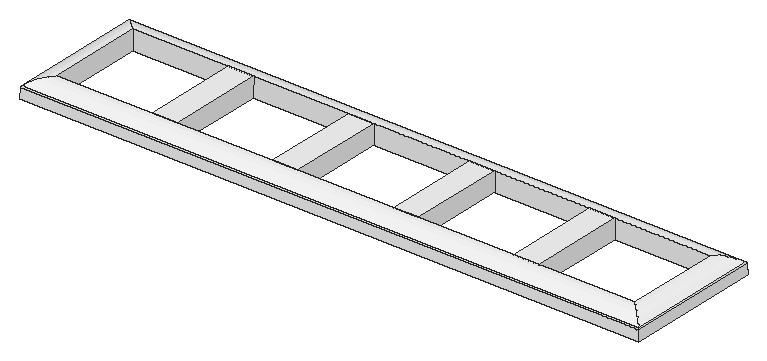
Revit family "Gira_021503", category Electrical Fixtures, host Face, Revit 2017
Family settings
  Host = Face
  Maintain Annotation Orientation = No
  Round Connector Dimension = Use Diameter
  Part Type = Normal
  Cut with Voids When Loaded = No
  Shared = No
  Room Calculation Point = No
Parameters (values of type "Abdeckrahmen 5f Standard 55 Reinweiß")
  Werkstoffgüte = "Thermoplast"
  Werkstoff = "Kunststoff"
  URL = "http://katalog.gira.de/de_DE/datenblatt.html?artikelnr=021503"
  Transparent = "No"
  Textfeld/Beschriftungsfläche = "No"
  Schutzart (IP) = "IP20"
  Region = "DE"
  RAL-Nummer (ähnlich) = "9010 "
  Oberfläche = "sonstige"
  Name = "Abdeckrahmen 5f Standard 55 Reinweiß"
  Montagerichtung = "horizontal und vertikal"
  Mit Montagerahmen = "No"
  Mit Klappdeckel = "No"
  Manufacturer URL = "https://www.gira.de/"
  Keynote = "Std55_Rahmen_5fach"
  HeinzeBIM = "https://bimportal.heinze.de/bim/abdeckrahmen-5f-standard-55-reinweiss/bd4a6320154486c6e95711e75dc2103faeaa69ae"
  Halogenfrei = "Yes"
  HAN = "021503"
  Geeignet für Unterputz-Installation = "Yes"
  Geeignet für Unterflurkanaldose = "No"
  Geeignet für Geräteeinbaukanal = "No"
  Geeignet für Einbauinstallation = "No"
  GTIN = "4010337215035"
  Farbe = "weiß"
  Default Elevation = 1219.2 mm
  Data sheet (1) = "https://katalog.gira.de/de_DE/download.html?artikelnr=021503"
  Category = "Abdeckrahmen"
  Befestigungsart = "Klemmbefestigung"
  Available = "Yes"
  Ausführung der Oberfläche = "glänzend"
  Anzahl der Einheiten vertikal = "5 "
  Anzahl der Einheiten horizontal = "5 "
  Anzahl der Einheiten = "5 "
Reference planes
  plane 1 "Center (Front/Back)": y = 0
  plane 2: z = 0
  plane 3 "Center (Left/Right)": x = 0
  plane 4: x = -40.3
  plane 5: x = 40.3
  plane 6: y = 183
  plane 7: y = -183
  plane 8: y = 35.7
  plane 9: y = -35.7
  plane 10: y = 107
  plane 11: y = -107
Forms (mm)
  Sweep 1, solid, material "White", detail levels fine
    path origin (0, 0, 0) x (0, -1, 0) y (1, 0, 0)
      loop
        line (40.3, 183) -> (-40.3, 183) -> (-40.3, -183) -> (40.3, -183) -> (40.3, 183)
    profile origin (183, 0, 0) x (-1, 0, 0) y (0, 0, 1)
      loop
        arc (12.22, 11.373) -> (5.983, 10.294) -> (0.641, 6.901) r 16.145
        arc (0.641, 6.901) -> (0.395, 6.426) -> (0.309, 5.898) r 1.694
        line (0.309, 5.898) -> (0, 0) -> (12.319, 0) -> (12.22, 11.373)
  Extrusion 2, solid, material "White", detail levels fine
    sketch origin (-107, 0, 0) x (1, 0, 0) y (0, 0, 1)
      loop
        line (7.4, 0) -> (7.4, 11.373) -> (-7.4, 11.373) -> (-7.4, 0) -> (7.4, 0)
    from -28.08 to 28.08
  Extrusion 3, solid, material "White", detail levels fine
    sketch origin (107, 0, 0) x (1, 0, 0) y (0, 0, 1)
      loop
        line (7.4, 0) -> (7.4, 11.373) -> (-7.4, 11.373) -> (-7.4, 0) -> (7.4, 0)
    from -28.08 to 28.08
  Extrusion 4, solid, material "White", detail levels fine
    sketch origin (35.7, 0, 0) x (1, 0, 0) y (0, 0, 1)
      loop
        line (7.4, 0) -> (7.4, 11.373) -> (-7.4, 11.373) -> (-7.4, 0) -> (7.4, 0)
    from -28.08 to 28.08
  Extrusion 5, solid, material "White", detail levels fine
    sketch origin (-35.7, 0, 0) x (1, 0, 0) y (0, 0, 1)
      loop
        line (7.4, 0) -> (7.4, 11.373) -> (-7.4, 11.373) -> (-7.4, 0) -> (7.4, 0)
    from -28.08 to 28.08
  Extrusion 6, solid, material "White", detail levels coarse+medium
    sketch origin (0, 0, 0) x (0, -1, 0) y (1, 0, 0)
      loop
        line (-39.659, 182.359) -> (-39.659, -182.365) -> (39.665, -182.365) -> (39.665, 182.359) -> (-39.659, 182.359)
    from 0 to 11.373
Dimensions and locks
  aligned and locked: plane 2 to host face
  aligned and locked: level to host face
